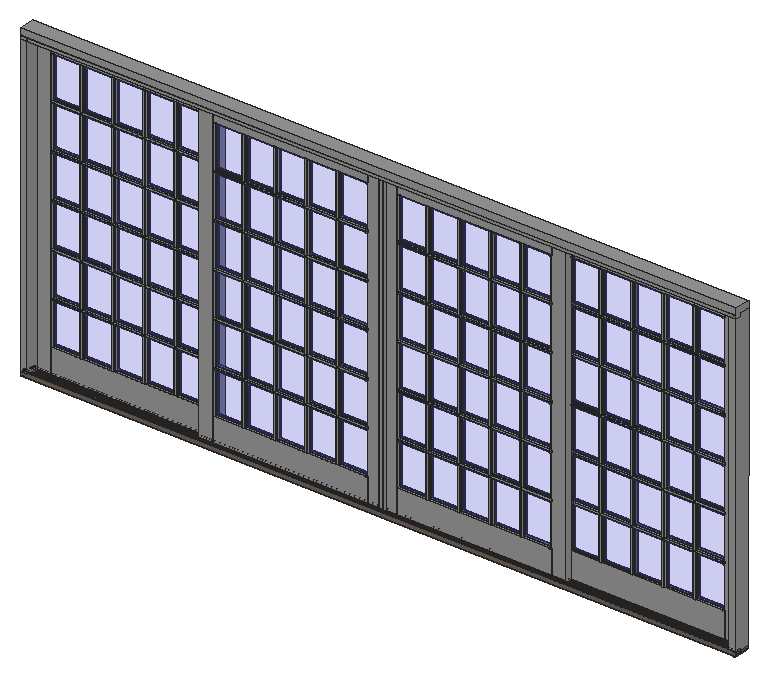
Revit family "VSDA4.8SPCO", category Doors, host Wall, Revit 2015 (continued)
Automatic sketch dimensions
  Sweep 30 sketch curve to Sweep 30 sketch curve = 197.5 mm
  plane 5 to Sweep 30 sketch curve = 1032 mm
  Sweep 30 sketch curve to Sweep 30 sketch curve = 284 mm
  Sweep 30 sketch curve to profile plane = 0 mm
  Sweep 30 sketch curve to profile plane = 0.241 mm
  Sweep 30 sketch curve to Sweep 30 sketch curve = 6.759 mm
  Sweep 30 sketch curve to Sweep 30 sketch curve = 2 mm  (x2)
  Sweep 30 sketch curve to profile plane = 132.5 mm
  Sweep 30 sketch curve to Sweep 30 sketch curve = 6 mm
  Sweep 31 sketch curve to plane 3 "Left" = 759.5 mm
  Sweep 31 sketch curve to Sweep 31 sketch curve = 197.5 mm
  plane 5 to Sweep 31 sketch curve = 1032 mm
  Sweep 31 sketch curve to Sweep 31 sketch curve = 284 mm
  Sweep 31 sketch curve to profile plane = 0 mm
  Sweep 31 sketch curve to profile plane = 0.241 mm
  Sweep 31 sketch curve to Sweep 31 sketch curve = 6.759 mm
  Sweep 31 sketch curve to Sweep 31 sketch curve = 2 mm  (x2)
  Sweep 31 sketch curve to profile plane = 132.5 mm
  Sweep 31 sketch curve to Sweep 31 sketch curve = 6 mm
  Sweep 32 sketch curve to plane 3 "Left" = 970 mm
  Sweep 32 sketch curve to Sweep 32 sketch curve = 197.5 mm
  plane 5 to Sweep 32 sketch curve = 1032 mm
  Sweep 32 sketch curve to Sweep 32 sketch curve = 284 mm
  Sweep 32 sketch curve to profile plane = 0 mm
  Sweep 32 sketch curve to profile plane = 0.241 mm
  Sweep 32 sketch curve to Sweep 32 sketch curve = 6.759 mm
  Sweep 32 sketch curve to Sweep 32 sketch curve = 2 mm  (x2)
  Sweep 32 sketch curve to profile plane = 132.5 mm
  Sweep 32 sketch curve to Sweep 32 sketch curve = 6 mm
  Sweep 33 sketch curve to plane 3 "Left" = 1180.5 mm
  Sweep 33 sketch curve to Sweep 33 sketch curve = 197.5 mm
  plane 5 to Sweep 33 sketch curve = 1032 mm
  Sweep 33 sketch curve to Sweep 33 sketch curve = 284 mm
  Sweep 33 sketch curve to profile plane = 0 mm
  Sweep 33 sketch curve to profile plane = 0.241 mm
  Sweep 33 sketch curve to Sweep 33 sketch curve = 6.759 mm
  Sweep 33 sketch curve to Sweep 33 sketch curve = 2 mm  (x2)
  Sweep 33 sketch curve to profile plane = 132.5 mm
  Sweep 33 sketch curve to Sweep 33 sketch curve = 6 mm
  Sweep 34 sketch curve to plane 3 "Left" = 338.5 mm
  Sweep 34 sketch curve to plane 3 "Left" = 141 mm
  level to Sweep 34 sketch curve = 771 mm
  Sweep 34 sketch curve to Sweep 34 sketch curve = 284 mm
  Sweep 34 sketch curve to profile plane = 0 mm
  Sweep 34 sketch curve to profile plane = 0.241 mm
  Sweep 34 sketch curve to Sweep 34 sketch curve = 6.759 mm
  Sweep 34 sketch curve to Sweep 34 sketch curve = 2 mm  (x2)
  Sweep 34 sketch curve to profile plane = 132.5 mm
  Sweep 34 sketch curve to Sweep 34 sketch curve = 6 mm
  host wall to Extrusion 35 sketch curve = 34 mm  (x4)
  plane 3 "Left" to Extrusion 35 sketch curve = 992 mm
  Extrusion 35 sketch curve to Extrusion 35 sketch curve = 2 mm  (x19)
  Extrusion 35 sketch curve to Extrusion 35 sketch curve = 6.759 mm  (x8)
  Extrusion 35 sketch curve to Extrusion 35 sketch curve = 0.241 mm  (x12)
  Extrusion 35 sketch curve to Extrusion 35 sketch curve = 13 mm  (x6)
  Extrusion 35 sketch curve to Extrusion 35 sketch curve = 0 mm  (x4)
  Extrusion 35 sketch curve to Extrusion 35 sketch curve = 179.5 mm  (x3)
  host wall to Extrusion 35 sketch curve = 4 mm  (x4)
  Extrusion 35 sketch curve to Extrusion 35 sketch curve = 1.197 mm  (x9)
  Extrusion 35 sketch curve to Extrusion 35 sketch curve = 0.803 mm  (x2)
  Sweep 36 sketch curve to plane 3 "Left" = 549 mm
  Sweep 36 sketch curve to Sweep 36 sketch curve = 197.5 mm
  level to Sweep 36 sketch curve = 771 mm
  Sweep 36 sketch curve to Sweep 36 sketch curve = 284 mm
  Sweep 36 sketch curve to profile plane = 0 mm
  Sweep 36 sketch curve to profile plane = 0.241 mm
  Sweep 36 sketch curve to Sweep 36 sketch curve = 6.759 mm
  Sweep 36 sketch curve to Sweep 36 sketch curve = 2 mm  (x2)
  Sweep 36 sketch curve to profile plane = 132.5 mm
  Sweep 36 sketch curve to Sweep 36 sketch curve = 6 mm
  Sweep 37 sketch curve to plane 3 "Left" = 759.5 mm
  Sweep 37 sketch curve to Sweep 37 sketch curve = 197.5 mm
  level to Sweep 37 sketch curve = 771 mm
  Sweep 37 sketch curve to Sweep 37 sketch curve = 284 mm
  Sweep 37 sketch curve to profile plane = 0 mm
  Sweep 37 sketch curve to profile plane = 0.241 mm
  Sweep 37 sketch curve to Sweep 37 sketch curve = 6.759 mm
  Sweep 37 sketch curve to Sweep 37 sketch curve = 2 mm  (x2)
  Sweep 37 sketch curve to profile plane = 132.5 mm
  Sweep 37 sketch curve to Sweep 37 sketch curve = 6 mm
  Sweep 38 sketch curve to plane 3 "Left" = 970 mm
  Sweep 38 sketch curve to Sweep 38 sketch curve = 197.5 mm
  level to Sweep 38 sketch curve = 771 mm
  Sweep 38 sketch curve to Sweep 38 sketch curve = 284 mm
  Sweep 38 sketch curve to profile plane = 0 mm
  Sweep 38 sketch curve to profile plane = 0.241 mm
  Sweep 38 sketch curve to Sweep 38 sketch curve = 6.759 mm
  Sweep 38 sketch curve to Sweep 38 sketch curve = 2 mm  (x2)
  Sweep 38 sketch curve to profile plane = 132.5 mm
  Sweep 38 sketch curve to Sweep 38 sketch curve = 6 mm
  level to Sweep 39 sketch curve = 487 mm
  Sweep 39 sketch curve to plane 3 "Left" = 1180.5 mm
  Sweep 39 sketch curve to Sweep 39 sketch curve = 197.5 mm
  Sweep 39 sketch curve to Sweep 39 sketch curve = 284 mm
  Sweep 39 sketch curve to profile plane = 0 mm
  Sweep 39 sketch curve to profile plane = 0.241 mm
  Sweep 39 sketch curve to Sweep 39 sketch curve = 6.759 mm
  Sweep 39 sketch curve to Sweep 39 sketch curve = 2 mm  (x2)
  Sweep 39 sketch curve to profile plane = 132.5 mm
  Sweep 39 sketch curve to Sweep 39 sketch curve = 6 mm
  Sweep 40 sketch curve to plane 3 "Left" = 338.5 mm
  Sweep 40 sketch curve to plane 3 "Left" = 141 mm
  level to Sweep 40 sketch curve = 474 mm
  level to Sweep 40 sketch curve = 190 mm
  Sweep 40 sketch curve to profile plane = 0 mm
  Sweep 40 sketch curve to profile plane = 0.241 mm
  Sweep 40 sketch curve to Sweep 40 sketch curve = 6.759 mm
  Sweep 40 sketch curve to Sweep 40 sketch curve = 2 mm  (x2)
  Sweep 40 sketch curve to profile plane = 132.5 mm
  Sweep 40 sketch curve to Sweep 40 sketch curve = 6 mm
  host wall to Extrusion 41 sketch curve = 34 mm  (x4)
  plane 3 "Left" to Extrusion 41 sketch curve = 992 mm
  Extrusion 41 sketch curve to Extrusion 41 sketch curve = 2 mm  (x19)
  Extrusion 41 sketch curve to Extrusion 41 sketch curve = 6.759 mm  (x8)
  Extrusion 41 sketch curve to Extrusion 41 sketch curve = 0.241 mm  (x12)
  Extrusion 41 sketch curve to Extrusion 41 sketch curve = 13 mm  (x6)
  Extrusion 41 sketch curve to Extrusion 41 sketch curve = 0 mm  (x4)
  Extrusion 41 sketch curve to Extrusion 41 sketch curve = 179.5 mm  (x3)
  host wall to Extrusion 41 sketch curve = 4 mm  (x4)
  Extrusion 41 sketch curve to Extrusion 41 sketch curve = 1.197 mm  (x9)
  Extrusion 41 sketch curve to Extrusion 41 sketch curve = 0.803 mm  (x2)
  level to Sweep 42 sketch curve = 190 mm
  Sweep 42 sketch curve to plane 3 "Left" = 549 mm
  Sweep 42 sketch curve to Sweep 42 sketch curve = 197.5 mm
  Sweep 42 sketch curve to Sweep 42 sketch curve = 284 mm
  Sweep 42 sketch curve to profile plane = 0 mm
  Sweep 42 sketch curve to profile plane = 0.241 mm
  Sweep 42 sketch curve to Sweep 42 sketch curve = 6.759 mm
  Sweep 42 sketch curve to Sweep 42 sketch curve = 2 mm  (x2)
  Sweep 42 sketch curve to profile plane = 132.5 mm
  Sweep 42 sketch curve to Sweep 42 sketch curve = 6 mm
  level to Sweep 43 sketch curve = 190 mm
  Sweep 43 sketch curve to plane 3 "Left" = 759.5 mm
  Sweep 43 sketch curve to Sweep 43 sketch curve = 197.5 mm
  Sweep 43 sketch curve to Sweep 43 sketch curve = 284 mm
  Sweep 43 sketch curve to profile plane = 0 mm
  Sweep 43 sketch curve to profile plane = 0.241 mm
  Sweep 43 sketch curve to Sweep 43 sketch curve = 6.759 mm
  Sweep 43 sketch curve to Sweep 43 sketch curve = 2 mm  (x2)
  Sweep 43 sketch curve to profile plane = 132.5 mm
  Sweep 43 sketch curve to Sweep 43 sketch curve = 6 mm
  level to Sweep 44 sketch curve = 190 mm
  Sweep 44 sketch curve to plane 3 "Left" = 970 mm
  Sweep 44 sketch curve to Sweep 44 sketch curve = 197.5 mm
  Sweep 44 sketch curve to Sweep 44 sketch curve = 284 mm
  Sweep 44 sketch curve to profile plane = 0 mm
  Sweep 44 sketch curve to profile plane = 0.241 mm
  Sweep 44 sketch curve to Sweep 44 sketch curve = 6.759 mm
  Sweep 44 sketch curve to Sweep 44 sketch curve = 2 mm  (x2)
  Sweep 44 sketch curve to profile plane = 132.5 mm
  Sweep 44 sketch curve to Sweep 44 sketch curve = 6 mm
  level to Sweep 45 sketch curve = 190 mm
  Sweep 45 sketch curve to plane 3 "Left" = 1180.5 mm
  Sweep 45 sketch curve to Sweep 45 sketch curve = 197.5 mm
  Sweep 45 sketch curve to Sweep 45 sketch curve = 284 mm
  Sweep 45 sketch curve to profile plane = 0 mm
  Sweep 45 sketch curve to profile plane = 0.241 mm
  Sweep 45 sketch curve to Sweep 45 sketch curve = 6.759 mm
  Sweep 45 sketch curve to Sweep 45 sketch curve = 2 mm  (x2)
  Sweep 45 sketch curve to profile plane = 132.5 mm
  Sweep 45 sketch curve to Sweep 45 sketch curve = 6 mm
  host wall to Extrusion 46 sketch curve = 15.5 mm  (x7)
  Extrusion 46 sketch curve to Extrusion 46 sketch curve = 2 mm  (x28)
  host wall to Extrusion 46 sketch curve = 7.5 mm  (x12)
  host wall to Extrusion 46 sketch curve = 6.697 mm  (x12)
  Extrusion 46 sketch curve to Extrusion 46 sketch curve = 1.197 mm  (x8)
  Extrusion 46 sketch curve to host wall = 24.5 mm  (x7)
  plane 5 to Extrusion 46 sketch curve = 45 mm
  Extrusion 46 sketch curve to Extrusion 46 sketch curve = 96 mm
  Extrusion 46 sketch curve to Extrusion 46 sketch curve = 0 mm  (x6)
  Extrusion 46 sketch curve to Extrusion 46 sketch curve = 0.241 mm  (x12)
  Extrusion 46 sketch curve to Extrusion 46 sketch curve = 266 mm  (x5)
  Extrusion 46 sketch curve to Extrusion 46 sketch curve = 6.759 mm  (x6)
  Extrusion 46 sketch curve to Extrusion 46 sketch curve = 13 mm  (x5)
  level to Extrusion 46 sketch curve = 199 mm
  level to Extrusion 46 sketch curve = 19 mm
  plane 5 to Sweep 47 sketch curve = 425 mm
  Sweep 47 sketch curve to plane 2 "Center (Left/Right)" = 940 mm
  Sweep 47 sketch curve to Sweep 47 sketch curve = 197.5 mm
  plane 5 to Sweep 47 sketch curve = 141 mm
  Sweep 47 sketch curve to profile plane = 0 mm
  Sweep 47 sketch curve to profile plane = 0.241 mm
  Sweep 47 sketch curve to Sweep 47 sketch curve = 6.759 mm
  Sweep 47 sketch curve to Sweep 47 sketch curve = 2 mm  (x2)
  Sweep 47 sketch curve to profile plane = 132.5 mm
  Sweep 47 sketch curve to Sweep 47 sketch curve = 6 mm
  Extrusion 48 sketch curve to host wall = 5.5 mm  (x7)
  plane 2 "Center (Left/Right)" to Extrusion 48 sketch curve = 286.5 mm
  Extrusion 48 sketch curve to Extrusion 48 sketch curve = 2 mm  (x20)
  Extrusion 48 sketch curve to Extrusion 48 sketch curve = 6.759 mm  (x8)
  Extrusion 48 sketch curve to Extrusion 48 sketch curve = 0.241 mm  (x12)
  Extrusion 48 sketch curve to Extrusion 48 sketch curve = 13 mm  (x6)
  Extrusion 48 sketch curve to Extrusion 48 sketch curve = 0 mm  (x2)
  Extrusion 48 sketch curve to Extrusion 48 sketch curve = 179.5 mm  (x3)
  Extrusion 48 sketch curve to Extrusion 48 sketch curve = 1.197 mm  (x7)
  Extrusion 48 sketch curve to host wall = 6.697 mm
  Extrusion 48 sketch curve to Extrusion 48 sketch curve = 0.803 mm
  host wall to Extrusion 48 sketch curve = 24.5 mm  (x4)
  Extrusion 49 sketch curve to plane 2 "Center (Left/Right)" = 98 mm  (x2)
  Extrusion 49 sketch curve to Extrusion 49 sketch curve = 0 mm  (x44)
  Extrusion 49 sketch curve to Extrusion 49 sketch curve = 197.5 mm  (x9)
  Extrusion 49 sketch curve to Extrusion 49 sketch curve = 13 mm  (x28)
  Extrusion 49 sketch curve to Extrusion 49 sketch curve = 13.01 mm  (x6)
  Extrusion 49 sketch curve to Extrusion 49 sketch curve = 197.49 mm  (x5)
  plane 5 to Extrusion 49 sketch curve = 141 mm  (x3)
  Extrusion 49 sketch curve to Extrusion 49 sketch curve = 0.011 mm  (x8)
  Extrusion 49 sketch curve to Extrusion 49 sketch curve = 283.989 mm  (x5)
  Extrusion 49 sketch curve to Extrusion 49 sketch curve = 13.011 mm  (x5)
  Extrusion 49 sketch curve to Extrusion 49 sketch curve = 284 mm  (x3)
  level to Extrusion 49 sketch curve = 190.011 mm
  level to Extrusion 49 sketch curve = 190 mm
  Sweep 50 sketch curve to plane 2 "Center (Left/Right)" = 729.5 mm
  Sweep 50 sketch curve to Sweep 50 sketch curve = 197.5 mm
  plane 5 to Sweep 50 sketch curve = 141 mm
  Sweep 50 sketch curve to Sweep 50 sketch curve = 284 mm
  Sweep 50 sketch curve to profile plane = 0 mm
  Sweep 50 sketch curve to profile plane = 0.241 mm
  Sweep 50 sketch curve to Sweep 50 sketch curve = 6.759 mm
  Sweep 50 sketch curve to Sweep 50 sketch curve = 2 mm  (x2)
  Sweep 50 sketch curve to profile plane = 132.5 mm
  Sweep 50 sketch curve to Sweep 50 sketch curve = 6 mm
  Sweep 51 sketch curve to plane 2 "Center (Left/Right)" = 519 mm
  Sweep 51 sketch curve to Sweep 51 sketch curve = 197.5 mm
  plane 5 to Sweep 51 sketch curve = 141 mm
  Sweep 51 sketch curve to Sweep 51 sketch curve = 284 mm
  Sweep 51 sketch curve to profile plane = 0 mm
  Sweep 51 sketch curve to profile plane = 0.241 mm
  Sweep 51 sketch curve to Sweep 51 sketch curve = 6.759 mm
  Sweep 51 sketch curve to Sweep 51 sketch curve = 2 mm  (x2)
  Sweep 51 sketch curve to profile plane = 132.5 mm
  Sweep 51 sketch curve to Sweep 51 sketch curve = 6 mm
  Sweep 52 sketch curve to plane 2 "Center (Left/Right)" = 308.5 mm
  Sweep 52 sketch curve to Sweep 52 sketch curve = 197.5 mm
  plane 5 to Sweep 52 sketch curve = 141 mm
  Sweep 52 sketch curve to Sweep 52 sketch curve = 284 mm
  Sweep 52 sketch curve to profile plane = 0 mm
  Sweep 52 sketch curve to profile plane = 0.241 mm
  Sweep 52 sketch curve to Sweep 52 sketch curve = 6.759 mm
  Sweep 52 sketch curve to Sweep 52 sketch curve = 2 mm  (x2)
  Sweep 52 sketch curve to profile plane = 132.5 mm
  Sweep 52 sketch curve to Sweep 52 sketch curve = 6 mm
  Sweep 53 sketch curve to plane 2 "Center (Left/Right)" = 98 mm
  Sweep 53 sketch curve to Sweep 53 sketch curve = 197.5 mm
  plane 5 to Sweep 53 sketch curve = 141 mm
  Sweep 53 sketch curve to Sweep 53 sketch curve = 284 mm
  Sweep 53 sketch curve to profile plane = 0 mm
  Sweep 53 sketch curve to profile plane = 0.241 mm
  Sweep 53 sketch curve to Sweep 53 sketch curve = 6.759 mm
  Sweep 53 sketch curve to Sweep 53 sketch curve = 2 mm  (x2)
  Sweep 53 sketch curve to profile plane = 132.5 mm
  Sweep 53 sketch curve to Sweep 53 sketch curve = 6 mm
  Sweep 54 sketch curve to plane 2 "Center (Left/Right)" = 940 mm
  Sweep 54 sketch curve to Sweep 54 sketch curve = 197.5 mm
  plane 5 to Sweep 54 sketch curve = 438 mm
  Sweep 54 sketch curve to Sweep 54 sketch curve = 284 mm
  Sweep 54 sketch curve to profile plane = 0 mm
  Sweep 54 sketch curve to profile plane = 0.241 mm
  Sweep 54 sketch curve to Sweep 54 sketch curve = 6.759 mm
  Sweep 54 sketch curve to Sweep 54 sketch curve = 2 mm  (x2)
  Sweep 54 sketch curve to profile plane = 132.5 mm
  Sweep 54 sketch curve to Sweep 54 sketch curve = 6 mm
  Sweep 55 sketch curve to plane 2 "Center (Left/Right)" = 729.5 mm
  Sweep 55 sketch curve to Sweep 55 sketch curve = 197.5 mm
  plane 5 to Sweep 55 sketch curve = 438 mm
  Sweep 55 sketch curve to Sweep 55 sketch curve = 284 mm
  Sweep 55 sketch curve to profile plane = 0 mm
  Sweep 55 sketch curve to profile plane = 0.241 mm
  Sweep 55 sketch curve to Sweep 55 sketch curve = 6.759 mm
  Sweep 55 sketch curve to Sweep 55 sketch curve = 2 mm  (x2)
  Sweep 55 sketch curve to profile plane = 132.5 mm
  Sweep 55 sketch curve to Sweep 55 sketch curve = 6 mm
  Sweep 56 sketch curve to plane 2 "Center (Left/Right)" = 519 mm
  Sweep 56 sketch curve to Sweep 56 sketch curve = 197.5 mm
  plane 5 to Sweep 56 sketch curve = 438 mm
  Sweep 56 sketch curve to Sweep 56 sketch curve = 284 mm
  Sweep 56 sketch curve to profile plane = 0 mm
  Sweep 56 sketch curve to profile plane = 0.241 mm
  Sweep 56 sketch curve to Sweep 56 sketch curve = 6.759 mm
  Sweep 56 sketch curve to Sweep 56 sketch curve = 2 mm  (x2)
  Sweep 56 sketch curve to profile plane = 132.5 mm
  Sweep 56 sketch curve to Sweep 56 sketch curve = 6 mm
  Sweep 57 sketch curve to plane 2 "Center (Left/Right)" = 308.5 mm
  Sweep 57 sketch curve to Sweep 57 sketch curve = 197.5 mm
  plane 5 to Sweep 57 sketch curve = 438 mm
  Sweep 57 sketch curve to Sweep 57 sketch curve = 284 mm
  Sweep 57 sketch curve to profile plane = 0 mm
  Sweep 57 sketch curve to profile plane = 0.241 mm
  Sweep 57 sketch curve to Sweep 57 sketch curve = 6.759 mm
  Sweep 57 sketch curve to Sweep 57 sketch curve = 2 mm  (x2)
  Sweep 57 sketch curve to profile plane = 132.5 mm
  Sweep 57 sketch curve to Sweep 57 sketch curve = 6 mm
  Sweep 58 sketch curve to plane 2 "Center (Left/Right)" = 98 mm
  Sweep 58 sketch curve to Sweep 58 sketch curve = 197.5 mm
  plane 5 to Sweep 58 sketch curve = 438 mm
  Sweep 58 sketch curve to Sweep 58 sketch curve = 284 mm
  Sweep 58 sketch curve to profile plane = 0 mm
  Sweep 58 sketch curve to profile plane = 0.241 mm
  Sweep 58 sketch curve to Sweep 58 sketch curve = 6.759 mm
  Sweep 58 sketch curve to Sweep 58 sketch curve = 2 mm  (x2)
  Sweep 58 sketch curve to profile plane = 132.5 mm
  Sweep 58 sketch curve to Sweep 58 sketch curve = 6 mm
  Sweep 59 sketch curve to plane 2 "Center (Left/Right)" = 940 mm
  Sweep 59 sketch curve to Sweep 59 sketch curve = 197.5 mm
  plane 5 to Sweep 59 sketch curve = 735 mm
  Sweep 59 sketch curve to Sweep 59 sketch curve = 284 mm
  Sweep 59 sketch curve to profile plane = 0 mm
  Sweep 59 sketch curve to profile plane = 0.241 mm
  Sweep 59 sketch curve to Sweep 59 sketch curve = 6.759 mm
  Sweep 59 sketch curve to Sweep 59 sketch curve = 2 mm  (x2)
  Sweep 59 sketch curve to profile plane = 132.5 mm
  Sweep 59 sketch curve to Sweep 59 sketch curve = 6 mm
  Sweep 60 sketch curve to plane 2 "Center (Left/Right)" = 729.5 mm
  Sweep 60 sketch curve to Sweep 60 sketch curve = 197.5 mm
  plane 5 to Sweep 60 sketch curve = 735 mm
  Sweep 60 sketch curve to Sweep 60 sketch curve = 284 mm
  Sweep 60 sketch curve to profile plane = 0 mm
  Sweep 60 sketch curve to profile plane = 0.241 mm
  Sweep 60 sketch curve to Sweep 60 sketch curve = 6.759 mm
  Sweep 60 sketch curve to Sweep 60 sketch curve = 2 mm  (x2)
  Sweep 60 sketch curve to profile plane = 132.5 mm
  Sweep 60 sketch curve to Sweep 60 sketch curve = 6 mm
  Sweep 61 sketch curve to plane 2 "Center (Left/Right)" = 519 mm
  Sweep 61 sketch curve to Sweep 61 sketch curve = 197.5 mm
  plane 5 to Sweep 61 sketch curve = 735 mm
  Sweep 61 sketch curve to Sweep 61 sketch curve = 284 mm
  Sweep 61 sketch curve to profile plane = 0 mm
  Sweep 61 sketch curve to profile plane = 0.241 mm
  Sweep 61 sketch curve to Sweep 61 sketch curve = 6.759 mm
  Sweep 61 sketch curve to Sweep 61 sketch curve = 2 mm  (x2)
  Sweep 61 sketch curve to profile plane = 132.5 mm
  Sweep 61 sketch curve to Sweep 61 sketch curve = 6 mm
  Sweep 62 sketch curve to plane 2 "Center (Left/Right)" = 308.5 mm
  Sweep 62 sketch curve to Sweep 62 sketch curve = 197.5 mm
  plane 5 to Sweep 62 sketch curve = 735 mm
  Sweep 62 sketch curve to Sweep 62 sketch curve = 284 mm
  Sweep 62 sketch curve to profile plane = 0 mm
  Sweep 62 sketch curve to profile plane = 0.241 mm
  Sweep 62 sketch curve to Sweep 62 sketch curve = 6.759 mm
  Sweep 62 sketch curve to Sweep 62 sketch curve = 2 mm  (x2)
  Sweep 62 sketch curve to profile plane = 132.5 mm
  Sweep 62 sketch curve to Sweep 62 sketch curve = 6 mm
  Sweep 63 sketch curve to plane 2 "Center (Left/Right)" = 98 mm
  Sweep 63 sketch curve to Sweep 63 sketch curve = 197.5 mm
  plane 5 to Sweep 63 sketch curve = 735 mm
  Sweep 63 sketch curve to Sweep 63 sketch curve = 284 mm
  Sweep 63 sketch curve to profile plane = 0 mm
  Sweep 63 sketch curve to profile plane = 0.241 mm
  Sweep 63 sketch curve to Sweep 63 sketch curve = 6.759 mm
  Sweep 63 sketch curve to Sweep 63 sketch curve = 2 mm  (x2)
  Sweep 63 sketch curve to profile plane = 132.5 mm
  Sweep 63 sketch curve to Sweep 63 sketch curve = 6 mm
  Sweep 64 sketch curve to plane 2 "Center (Left/Right)" = 940 mm
  Sweep 64 sketch curve to Sweep 64 sketch curve = 197.5 mm
  plane 5 to Sweep 64 sketch curve = 1032 mm
  Sweep 64 sketch curve to Sweep 64 sketch curve = 284 mm
  Sweep 64 sketch curve to profile plane = 0 mm
  Sweep 64 sketch curve to profile plane = 0.241 mm
  Sweep 64 sketch curve to Sweep 64 sketch curve = 6.759 mm
  Sweep 64 sketch curve to Sweep 64 sketch curve = 2 mm  (x2)
  Sweep 64 sketch curve to profile plane = 132.5 mm
  Sweep 64 sketch curve to Sweep 64 sketch curve = 6 mm
  Sweep 65 sketch curve to plane 2 "Center (Left/Right)" = 729.5 mm
  Sweep 65 sketch curve to Sweep 65 sketch curve = 197.5 mm
  plane 5 to Sweep 65 sketch curve = 1032 mm
  Sweep 65 sketch curve to Sweep 65 sketch curve = 284 mm
  Sweep 65 sketch curve to profile plane = 0 mm
  Sweep 65 sketch curve to profile plane = 0.241 mm
  Sweep 65 sketch curve to Sweep 65 sketch curve = 6.759 mm
  Sweep 65 sketch curve to Sweep 65 sketch curve = 2 mm  (x2)
  Sweep 65 sketch curve to profile plane = 132.5 mm
  Sweep 65 sketch curve to Sweep 65 sketch curve = 6 mm
  Sweep 66 sketch curve to plane 2 "Center (Left/Right)" = 519 mm
  Sweep 66 sketch curve to Sweep 66 sketch curve = 197.5 mm
  plane 5 to Sweep 66 sketch curve = 1032 mm
  Sweep 66 sketch curve to Sweep 66 sketch curve = 284 mm
  Sweep 66 sketch curve to profile plane = 0 mm
  Sweep 66 sketch curve to profile plane = 0.241 mm
  Sweep 66 sketch curve to Sweep 66 sketch curve = 6.759 mm
  Sweep 66 sketch curve to Sweep 66 sketch curve = 2 mm  (x2)
  Sweep 66 sketch curve to profile plane = 132.5 mm
  Sweep 66 sketch curve to Sweep 66 sketch curve = 6 mm
  Sweep 67 sketch curve to plane 2 "Center (Left/Right)" = 308.5 mm
  Sweep 67 sketch curve to Sweep 67 sketch curve = 197.5 mm
  plane 5 to Sweep 67 sketch curve = 1032 mm
  Sweep 67 sketch curve to Sweep 67 sketch curve = 284 mm
  Sweep 67 sketch curve to profile plane = 0 mm
  Sweep 67 sketch curve to profile plane = 0.241 mm
  Sweep 67 sketch curve to Sweep 67 sketch curve = 6.759 mm
  Sweep 67 sketch curve to Sweep 67 sketch curve = 2 mm  (x2)
  Sweep 67 sketch curve to profile plane = 132.5 mm
  Sweep 67 sketch curve to Sweep 67 sketch curve = 6 mm
  Sweep 68 sketch curve to plane 2 "Center (Left/Right)" = 98 mm
  Sweep 68 sketch curve to Sweep 68 sketch curve = 197.5 mm
  plane 5 to Sweep 68 sketch curve = 1032 mm
  Sweep 68 sketch curve to Sweep 68 sketch curve = 284 mm
  Sweep 68 sketch curve to profile plane = 0 mm
  Sweep 68 sketch curve to profile plane = 0.241 mm
  Sweep 68 sketch curve to Sweep 68 sketch curve = 6.759 mm
  Sweep 68 sketch curve to Sweep 68 sketch curve = 2 mm  (x2)
  Sweep 68 sketch curve to profile plane = 132.5 mm
  Sweep 68 sketch curve to Sweep 68 sketch curve = 6 mm
  Sweep 69 sketch curve to plane 2 "Center (Left/Right)" = 940 mm
  Sweep 69 sketch curve to Sweep 69 sketch curve = 197.5 mm
  level to Sweep 69 sketch curve = 771 mm
  Sweep 69 sketch curve to Sweep 69 sketch curve = 284 mm
  Sweep 69 sketch curve to profile plane = 0 mm
  Sweep 69 sketch curve to profile plane = 0.241 mm
  Sweep 69 sketch curve to Sweep 69 sketch curve = 6.759 mm
  Sweep 69 sketch curve to Sweep 69 sketch curve = 2 mm  (x2)
  Sweep 69 sketch curve to profile plane = 132.5 mm
  Sweep 69 sketch curve to Sweep 69 sketch curve = 6 mm
  Sweep 70 sketch curve to plane 2 "Center (Left/Right)" = 729.5 mm
  Sweep 70 sketch curve to Sweep 70 sketch curve = 197.5 mm
  level to Sweep 70 sketch curve = 771 mm
  Sweep 70 sketch curve to Sweep 70 sketch curve = 284 mm
  Sweep 70 sketch curve to profile plane = 0 mm
  Sweep 70 sketch curve to profile plane = 0.241 mm
  Sweep 70 sketch curve to Sweep 70 sketch curve = 6.759 mm
  Sweep 70 sketch curve to Sweep 70 sketch curve = 2 mm  (x2)
  Sweep 70 sketch curve to profile plane = 132.5 mm
  Sweep 70 sketch curve to Sweep 70 sketch curve = 6 mm
  Sweep 71 sketch curve to plane 2 "Center (Left/Right)" = 519 mm
  Sweep 71 sketch curve to Sweep 71 sketch curve = 197.5 mm
  level to Sweep 71 sketch curve = 771 mm
  Sweep 71 sketch curve to Sweep 71 sketch curve = 284 mm
  Sweep 71 sketch curve to profile plane = 0 mm
  Sweep 71 sketch curve to profile plane = 0.241 mm
  Sweep 71 sketch curve to Sweep 71 sketch curve = 6.759 mm
  Sweep 71 sketch curve to Sweep 71 sketch curve = 2 mm  (x2)
  Sweep 71 sketch curve to profile plane = 132.5 mm
  Sweep 71 sketch curve to Sweep 71 sketch curve = 6 mm
  Sweep 72 sketch curve to plane 2 "Center (Left/Right)" = 308.5 mm
  Sweep 72 sketch curve to Sweep 72 sketch curve = 197.5 mm
  level to Sweep 72 sketch curve = 771 mm
  Sweep 72 sketch curve to Sweep 72 sketch curve = 284 mm
  Sweep 72 sketch curve to profile plane = 0 mm
  Sweep 72 sketch curve to profile plane = 0.241 mm
  Sweep 72 sketch curve to Sweep 72 sketch curve = 6.759 mm
  Sweep 72 sketch curve to Sweep 72 sketch curve = 2 mm  (x2)
  Sweep 72 sketch curve to profile plane = 132.5 mm
  Sweep 72 sketch curve to Sweep 72 sketch curve = 6 mm
  Sweep 73 sketch curve to plane 2 "Center (Left/Right)" = 98 mm
  Sweep 73 sketch curve to Sweep 73 sketch curve = 197.5 mm
  level to Sweep 73 sketch curve = 771 mm
  Sweep 73 sketch curve to Sweep 73 sketch curve = 284 mm
  Sweep 73 sketch curve to profile plane = 0 mm
  Sweep 73 sketch curve to profile plane = 0.241 mm
  Sweep 73 sketch curve to Sweep 73 sketch curve = 6.759 mm
  Sweep 73 sketch curve to Sweep 73 sketch curve = 2 mm  (x2)
  Sweep 73 sketch curve to profile plane = 132.5 mm
  Sweep 73 sketch curve to Sweep 73 sketch curve = 6 mm
  level to Sweep 74 sketch curve = 190 mm
  Sweep 74 sketch curve to plane 2 "Center (Left/Right)" = 940 mm
  Sweep 74 sketch curve to Sweep 74 sketch curve = 197.5 mm
  Sweep 74 sketch curve to Sweep 74 sketch curve = 284 mm
  Sweep 74 sketch curve to profile plane = 0 mm
  Sweep 74 sketch curve to profile plane = 0.241 mm
  Sweep 74 sketch curve to Sweep 74 sketch curve = 6.759 mm
  Sweep 74 sketch curve to Sweep 74 sketch curve = 2 mm  (x2)
  Sweep 74 sketch curve to profile plane = 132.5 mm
  Sweep 74 sketch curve to Sweep 74 sketch curve = 6 mm
  level to Sweep 75 sketch curve = 190 mm
  Sweep 75 sketch curve to plane 2 "Center (Left/Right)" = 729.5 mm
  Sweep 75 sketch curve to Sweep 75 sketch curve = 197.5 mm
  Sweep 75 sketch curve to Sweep 75 sketch curve = 284 mm
  Sweep 75 sketch curve to profile plane = 0 mm
  Sweep 75 sketch curve to profile plane = 0.241 mm
  Sweep 75 sketch curve to Sweep 75 sketch curve = 6.759 mm
  Sweep 75 sketch curve to Sweep 75 sketch curve = 2 mm  (x2)
  Sweep 75 sketch curve to profile plane = 132.5 mm
  Sweep 75 sketch curve to Sweep 75 sketch curve = 6 mm
  level to Sweep 76 sketch curve = 190 mm
  Sweep 76 sketch curve to plane 2 "Center (Left/Right)" = 519 mm
  Sweep 76 sketch curve to Sweep 76 sketch curve = 197.5 mm
  Sweep 76 sketch curve to Sweep 76 sketch curve = 284 mm
  Sweep 76 sketch curve to profile plane = 0 mm
  Sweep 76 sketch curve to profile plane = 0.241 mm
  Sweep 76 sketch curve to Sweep 76 sketch curve = 6.759 mm
  Sweep 76 sketch curve to Sweep 76 sketch curve = 2 mm  (x2)
  Sweep 76 sketch curve to profile plane = 132.5 mm
  Sweep 76 sketch curve to Sweep 76 sketch curve = 6 mm
  Sweep 77 sketch curve to plane 2 "Center (Left/Right)" = 308.5 mm
  Sweep 77 sketch curve to Sweep 77 sketch curve = 197.5 mm
  level to Sweep 77 sketch curve = 474 mm
  level to Sweep 77 sketch curve = 190 mm
  Sweep 77 sketch curve to profile plane = 0 mm
  Sweep 77 sketch curve to profile plane = 0.241 mm
  Sweep 77 sketch curve to Sweep 77 sketch curve = 6.759 mm
  Sweep 77 sketch curve to Sweep 77 sketch curve = 2 mm  (x2)
  Sweep 77 sketch curve to profile plane = 132.5 mm
  Sweep 77 sketch curve to Sweep 77 sketch curve = 6 mm
  Sweep 78 sketch curve to plane 2 "Center (Left/Right)" = 98 mm
  Sweep 78 sketch curve to Sweep 78 sketch curve = 197.5 mm
  level to Sweep 78 sketch curve = 474 mm
  level to Sweep 78 sketch curve = 190 mm
  Sweep 78 sketch curve to profile plane = 0 mm
  Sweep 78 sketch curve to profile plane = 0.241 mm
  Sweep 78 sketch curve to Sweep 78 sketch curve = 6.759 mm
  Sweep 78 sketch curve to Sweep 78 sketch curve = 2 mm  (x2)
  Sweep 78 sketch curve to profile plane = 132.5 mm
  Sweep 78 sketch curve to Sweep 78 sketch curve = 6 mm
  Extrusion 79 sketch curve to host wall = 5.5 mm  (x7)
  plane 2 "Center (Left/Right)" to Extrusion 79 sketch curve = 286.5 mm
  Extrusion 79 sketch curve to Extrusion 79 sketch curve = 2 mm  (x20)
  Extrusion 79 sketch curve to Extrusion 79 sketch curve = 6.759 mm  (x8)
  Extrusion 79 sketch curve to Extrusion 79 sketch curve = 0.241 mm  (x12)
  Extrusion 79 sketch curve to Extrusion 79 sketch curve = 13 mm  (x6)
  Extrusion 79 sketch curve to Extrusion 79 sketch curve = 0 mm  (x2)
  Extrusion 79 sketch curve to Extrusion 79 sketch curve = 179.5 mm  (x3)
  Extrusion 79 sketch curve to Extrusion 79 sketch curve = 1.197 mm  (x7)
  Extrusion 79 sketch curve to host wall = 6.697 mm
  Extrusion 79 sketch curve to Extrusion 79 sketch curve = 0.803 mm
  host wall to Extrusion 79 sketch curve = 24.5 mm  (x4)
  Extrusion 80 sketch curve to host wall = 5.5 mm  (x7)
  plane 2 "Center (Left/Right)" to Extrusion 80 sketch curve = 286.5 mm
  Extrusion 80 sketch curve to Extrusion 80 sketch curve = 2 mm  (x20)
  Extrusion 80 sketch curve to Extrusion 80 sketch curve = 6.759 mm  (x8)
  Extrusion 80 sketch curve to Extrusion 80 sketch curve = 0.241 mm  (x12)
  Extrusion 80 sketch curve to Extrusion 80 sketch curve = 13 mm  (x6)
  Extrusion 80 sketch curve to Extrusion 80 sketch curve = 0 mm  (x2)
  Extrusion 80 sketch curve to Extrusion 80 sketch curve = 179.5 mm  (x3)
  Extrusion 80 sketch curve to Extrusion 80 sketch curve = 1.197 mm  (x7)
  Extrusion 80 sketch curve to host wall = 6.697 mm
  Extrusion 80 sketch curve to Extrusion 80 sketch curve = 0.803 mm
  host wall to Extrusion 80 sketch curve = 24.5 mm  (x4)
  Extrusion 81 sketch curve to host wall = 5.5 mm  (x7)
  plane 2 "Center (Left/Right)" to Extrusion 81 sketch curve = 286.5 mm
  Extrusion 81 sketch curve to Extrusion 81 sketch curve = 2 mm  (x20)
  Extrusion 81 sketch curve to Extrusion 81 sketch curve = 6.759 mm  (x8)
  Extrusion 81 sketch curve to Extrusion 81 sketch curve = 0.241 mm  (x12)
  Extrusion 81 sketch curve to Extrusion 81 sketch curve = 13 mm  (x6)
  Extrusion 81 sketch curve to Extrusion 81 sketch curve = 0 mm  (x2)
  Extrusion 81 sketch curve to Extrusion 81 sketch curve = 179.5 mm  (x3)
  Extrusion 81 sketch curve to Extrusion 81 sketch curve = 1.197 mm  (x7)
  Extrusion 81 sketch curve to host wall = 6.697 mm
  Extrusion 81 sketch curve to Extrusion 81 sketch curve = 0.803 mm
  host wall to Extrusion 81 sketch curve = 24.5 mm  (x4)
  Extrusion 82 sketch curve to host wall = 5.5 mm  (x7)
  plane 2 "Center (Left/Right)" to Extrusion 82 sketch curve = 286.5 mm
  Extrusion 82 sketch curve to Extrusion 82 sketch curve = 2 mm  (x20)
  Extrusion 82 sketch curve to Extrusion 82 sketch curve = 6.759 mm  (x8)
  Extrusion 82 sketch curve to Extrusion 82 sketch curve = 0.241 mm  (x12)
  Extrusion 82 sketch curve to Extrusion 82 sketch curve = 13 mm  (x6)
  Extrusion 82 sketch curve to Extrusion 82 sketch curve = 0 mm  (x2)
  Extrusion 82 sketch curve to Extrusion 82 sketch curve = 179.5 mm  (x3)
  Extrusion 82 sketch curve to Extrusion 82 sketch curve = 1.197 mm  (x7)
  Extrusion 82 sketch curve to host wall = 6.697 mm
  Extrusion 82 sketch curve to Extrusion 82 sketch curve = 0.803 mm
  host wall to Extrusion 82 sketch curve = 24.5 mm  (x4)
  Extrusion 83 sketch curve to host wall = 5.5 mm  (x7)
  plane 2 "Center (Left/Right)" to Extrusion 83 sketch curve = 286.5 mm
  Extrusion 83 sketch curve to Extrusion 83 sketch curve = 2 mm  (x20)
  Extrusion 83 sketch curve to Extrusion 83 sketch curve = 6.759 mm  (x8)
  Extrusion 83 sketch curve to Extrusion 83 sketch curve = 0.241 mm  (x12)
  Extrusion 83 sketch curve to Extrusion 83 sketch curve = 13 mm  (x6)
  Extrusion 83 sketch curve to Extrusion 83 sketch curve = 0 mm  (x2)
  Extrusion 83 sketch curve to Extrusion 83 sketch curve = 179.5 mm  (x3)
  Extrusion 83 sketch curve to Extrusion 83 sketch curve = 1.197 mm  (x7)
  Extrusion 83 sketch curve to host wall = 6.697 mm
  Extrusion 83 sketch curve to Extrusion 83 sketch curve = 0.803 mm
  host wall to Extrusion 83 sketch curve = 24.5 mm  (x4)
  Extrusion 84 sketch curve to host wall = 5.5 mm  (x7)
  plane 2 "Center (Left/Right)" to Extrusion 84 sketch curve = 286.5 mm
  Extrusion 84 sketch curve to Extrusion 84 sketch curve = 2 mm  (x20)
  Extrusion 84 sketch curve to Extrusion 84 sketch curve = 6.759 mm  (x8)
  Extrusion 84 sketch curve to Extrusion 84 sketch curve = 0.241 mm  (x12)
  Extrusion 84 sketch curve to Extrusion 84 sketch curve = 13 mm  (x6)
  Extrusion 84 sketch curve to Extrusion 84 sketch curve = 0 mm  (x2)
  Extrusion 84 sketch curve to Extrusion 84 sketch curve = 179.5 mm  (x3)
  Extrusion 84 sketch curve to Extrusion 84 sketch curve = 1.197 mm  (x7)
  Extrusion 84 sketch curve to host wall = 6.697 mm
  Extrusion 84 sketch curve to Extrusion 84 sketch curve = 0.803 mm
  host wall to Extrusion 84 sketch curve = 24.5 mm  (x4)
  Extrusion 85 sketch curve to host wall = 31 mm  (x7)
  Extrusion 85 sketch curve to Extrusion 85 sketch curve = 2 mm  (x28)
  Extrusion 85 sketch curve to Extrusion 85 sketch curve = 6 mm  (x12)
  Extrusion 85 sketch curve to Extrusion 85 sketch curve = 6.803 mm  (x5)
  Extrusion 85 sketch curve to Extrusion 85 sketch curve = 0.803 mm  (x7)
  Extrusion 85 sketch curve to Extrusion 85 sketch curve = 1.197 mm  (x8)
  Extrusion 85 sketch curve to host wall = 4 mm  (x7)
  level to Extrusion 85 sketch curve = 19 mm
  Extrusion 85 sketch curve to Extrusion 85 sketch curve = 171 mm
  Extrusion 85 sketch curve to Extrusion 85 sketch curve = 0 mm  (x4)
  Extrusion 85 sketch curve to Extrusion 85 sketch curve = 0.241 mm  (x12)
  Extrusion 85 sketch curve to Extrusion 85 sketch curve = 266 mm  (x5)
  Extrusion 85 sketch curve to Extrusion 85 sketch curve = 6.759 mm  (x6)
  Extrusion 85 sketch curve to Extrusion 85 sketch curve = 13 mm  (x7)
  plane 5 to Extrusion 85 sketch curve = 150 mm
  plane 5 to Extrusion 85 sketch curve = 45 mm
  plane 4 "Right" to Sweep 86 sketch curve = 338.5 mm
  plane 4 "Right" to Sweep 86 sketch curve = 141 mm
  plane 5 to Sweep 86 sketch curve = 425 mm
  plane 5 to Sweep 86 sketch curve = 141 mm
  profile plane to Sweep 86 sketch curve = 0 mm
  profile plane to Sweep 86 sketch curve = 0.241 mm
  Sweep 86 sketch curve to Sweep 86 sketch curve = 6.759 mm
  Sweep 86 sketch curve to Sweep 86 sketch curve = 2 mm  (x2)
  Sweep 86 sketch curve to profile plane = 132.5 mm
  Sweep 86 sketch curve to Sweep 86 sketch curve = 6 mm
  Extrusion 87 sketch curve to host wall = 34 mm  (x4)
  plane 4 "Right" to Extrusion 87 sketch curve = 992 mm
  Extrusion 87 sketch curve to Extrusion 87 sketch curve = 2 mm  (x19)
  Extrusion 87 sketch curve to Extrusion 87 sketch curve = 6.759 mm  (x8)
  Extrusion 87 sketch curve to Extrusion 87 sketch curve = 0.241 mm  (x12)
  Extrusion 87 sketch curve to Extrusion 87 sketch curve = 13 mm  (x6)
  Extrusion 87 sketch curve to Extrusion 87 sketch curve = 0 mm  (x4)
  Extrusion 87 sketch curve to Extrusion 87 sketch curve = 179.5 mm  (x3)
  Extrusion 87 sketch curve to host wall = 4 mm  (x4)
  Extrusion 87 sketch curve to Extrusion 87 sketch curve = 1.197 mm  (x9)
  Extrusion 87 sketch curve to Extrusion 87 sketch curve = 0.803 mm  (x2)
  plane 5 to Extrusion 88 sketch curve = 141 mm  (x2)
  plane 4 "Right" to Extrusion 88 sketch curve = 1180.5 mm  (x2)
  level to Extrusion 88 sketch curve = 190 mm  (x3)
  Extrusion 88 sketch curve to Extrusion 88 sketch curve = 0 mm  (x40)
  Extrusion 88 sketch curve to Extrusion 88 sketch curve = 197.5 mm  (x9)
  Extrusion 88 sketch curve to Extrusion 88 sketch curve = 13 mm  (x25)
  Extrusion 88 sketch curve to Extrusion 88 sketch curve = 13.01 mm  (x6)
  Extrusion 88 sketch curve to Extrusion 88 sketch curve = 197.49 mm  (x3)
  plane 4 "Right" to Extrusion 88 sketch curve = 141.01 mm  (x2)
  Extrusion 88 sketch curve to Extrusion 88 sketch curve = 0.011 mm  (x17)
  Extrusion 88 sketch curve to Extrusion 88 sketch curve = 283.989 mm  (x5)
  Extrusion 88 sketch curve to Extrusion 88 sketch curve = 13.011 mm  (x5)
  plane 5 to Extrusion 88 sketch curve = 141.011 mm
  plane 4 "Right" to Sweep 89 sketch curve = 549 mm
  Sweep 89 sketch curve to Sweep 89 sketch curve = 197.5 mm
  plane 5 to Sweep 89 sketch curve = 425 mm
  plane 5 to Sweep 89 sketch curve = 141 mm
  profile plane to Sweep 89 sketch curve = 0 mm
  profile plane to Sweep 89 sketch curve = 0.241 mm
  Sweep 89 sketch curve to Sweep 89 sketch curve = 6.759 mm
  Sweep 89 sketch curve to Sweep 89 sketch curve = 2 mm  (x2)
  Sweep 89 sketch curve to profile plane = 132.5 mm
  Sweep 89 sketch curve to Sweep 89 sketch curve = 6 mm
  plane 4 "Right" to Sweep 90 sketch curve = 759.5 mm
  Sweep 90 sketch curve to Sweep 90 sketch curve = 197.5 mm
  plane 5 to Sweep 90 sketch curve = 425 mm
  plane 5 to Sweep 90 sketch curve = 141 mm
  profile plane to Sweep 90 sketch curve = 0 mm
  profile plane to Sweep 90 sketch curve = 0.241 mm
  Sweep 90 sketch curve to Sweep 90 sketch curve = 6.759 mm
  Sweep 90 sketch curve to Sweep 90 sketch curve = 2 mm  (x2)
  Sweep 90 sketch curve to profile plane = 132.5 mm
  Sweep 90 sketch curve to Sweep 90 sketch curve = 6 mm
  plane 5 to Sweep 91 sketch curve = 425 mm
  plane 4 "Right" to Sweep 91 sketch curve = 970 mm
  Sweep 91 sketch curve to Sweep 91 sketch curve = 197.5 mm
  plane 5 to Sweep 91 sketch curve = 141 mm
  profile plane to Sweep 91 sketch curve = 0 mm
  profile plane to Sweep 91 sketch curve = 0.241 mm
  Sweep 91 sketch curve to Sweep 91 sketch curve = 6.759 mm
  Sweep 91 sketch curve to Sweep 91 sketch curve = 2 mm  (x2)
  Sweep 91 sketch curve to profile plane = 132.5 mm
  Sweep 91 sketch curve to Sweep 91 sketch curve = 6 mm
  plane 5 to Sweep 92 sketch curve = 425 mm
  plane 4 "Right" to Sweep 92 sketch curve = 1180.5 mm
  Sweep 92 sketch curve to Sweep 92 sketch curve = 197.5 mm
  plane 5 to Sweep 92 sketch curve = 141 mm
  profile plane to Sweep 92 sketch curve = 0 mm
  profile plane to Sweep 92 sketch curve = 0.241 mm
  Sweep 92 sketch curve to Sweep 92 sketch curve = 6.759 mm
  Sweep 92 sketch curve to Sweep 92 sketch curve = 2 mm  (x2)
  Sweep 92 sketch curve to profile plane = 132.5 mm
  Sweep 92 sketch curve to Sweep 92 sketch curve = 6 mm
  plane 4 "Right" to Sweep 93 sketch curve = 338.5 mm
  plane 4 "Right" to Sweep 93 sketch curve = 141 mm
  plane 5 to Sweep 93 sketch curve = 722 mm
  Sweep 93 sketch curve to Sweep 93 sketch curve = 284 mm
  profile plane to Sweep 93 sketch curve = 0 mm
  profile plane to Sweep 93 sketch curve = 0.241 mm
  Sweep 93 sketch curve to Sweep 93 sketch curve = 6.759 mm
  Sweep 93 sketch curve to Sweep 93 sketch curve = 2 mm  (x2)
  Sweep 93 sketch curve to profile plane = 132.5 mm
  Sweep 93 sketch curve to Sweep 93 sketch curve = 6 mm
  Extrusion 94 sketch curve to host wall = 34 mm  (x4)
  plane 4 "Right" to Extrusion 94 sketch curve = 992 mm
  Extrusion 94 sketch curve to Extrusion 94 sketch curve = 2 mm  (x19)
  Extrusion 94 sketch curve to Extrusion 94 sketch curve = 6.759 mm  (x8)
  Extrusion 94 sketch curve to Extrusion 94 sketch curve = 0.241 mm  (x12)
  Extrusion 94 sketch curve to Extrusion 94 sketch curve = 13 mm  (x6)
  Extrusion 94 sketch curve to Extrusion 94 sketch curve = 0 mm  (x4)
  Extrusion 94 sketch curve to Extrusion 94 sketch curve = 179.5 mm  (x3)
  Extrusion 94 sketch curve to host wall = 4 mm  (x4)
  Extrusion 94 sketch curve to Extrusion 94 sketch curve = 1.197 mm  (x9)
  Extrusion 94 sketch curve to Extrusion 94 sketch curve = 0.803 mm  (x2)
  plane 4 "Right" to Sweep 95 sketch curve = 549 mm
  Sweep 95 sketch curve to Sweep 95 sketch curve = 197.5 mm
  plane 5 to Sweep 95 sketch curve = 722 mm
  Sweep 95 sketch curve to Sweep 95 sketch curve = 284 mm
  profile plane to Sweep 95 sketch curve = 0 mm
  profile plane to Sweep 95 sketch curve = 0.241 mm
  Sweep 95 sketch curve to Sweep 95 sketch curve = 6.759 mm
  Sweep 95 sketch curve to Sweep 95 sketch curve = 2 mm  (x2)
  Sweep 95 sketch curve to profile plane = 132.5 mm
  Sweep 95 sketch curve to Sweep 95 sketch curve = 6 mm
  plane 4 "Right" to Sweep 96 sketch curve = 759.5 mm
  Sweep 96 sketch curve to Sweep 96 sketch curve = 197.5 mm
  plane 5 to Sweep 96 sketch curve = 722 mm
  Sweep 96 sketch curve to Sweep 96 sketch curve = 284 mm
  profile plane to Sweep 96 sketch curve = 0 mm
  profile plane to Sweep 96 sketch curve = 0.241 mm
  Sweep 96 sketch curve to Sweep 96 sketch curve = 6.759 mm
  Sweep 96 sketch curve to Sweep 96 sketch curve = 2 mm  (x2)
  Sweep 96 sketch curve to profile plane = 132.5 mm
  Sweep 96 sketch curve to Sweep 96 sketch curve = 6 mm
  plane 4 "Right" to Sweep 97 sketch curve = 970 mm
  Sweep 97 sketch curve to Sweep 97 sketch curve = 197.5 mm
  plane 5 to Sweep 97 sketch curve = 722 mm
  Sweep 97 sketch curve to Sweep 97 sketch curve = 284 mm
  profile plane to Sweep 97 sketch curve = 0 mm
  profile plane to Sweep 97 sketch curve = 0.241 mm
  Sweep 97 sketch curve to Sweep 97 sketch curve = 6.759 mm
  Sweep 97 sketch curve to Sweep 97 sketch curve = 2 mm  (x2)
  Sweep 97 sketch curve to profile plane = 132.5 mm
  Sweep 97 sketch curve to Sweep 97 sketch curve = 6 mm
  plane 4 "Right" to Sweep 98 sketch curve = 1180.5 mm
  Sweep 98 sketch curve to Sweep 98 sketch curve = 197.5 mm
  plane 5 to Sweep 98 sketch curve = 722 mm
  Sweep 98 sketch curve to Sweep 98 sketch curve = 284 mm
  profile plane to Sweep 98 sketch curve = 0 mm
  profile plane to Sweep 98 sketch curve = 0.241 mm
  Sweep 98 sketch curve to Sweep 98 sketch curve = 6.759 mm
  Sweep 98 sketch curve to Sweep 98 sketch curve = 2 mm  (x2)
  Sweep 98 sketch curve to profile plane = 132.5 mm
  Sweep 98 sketch curve to Sweep 98 sketch curve = 6 mm
  plane 4 "Right" to Sweep 99 sketch curve = 338.5 mm
  plane 4 "Right" to Sweep 99 sketch curve = 141 mm
  plane 5 to Sweep 99 sketch curve = 1019 mm
  Sweep 99 sketch curve to Sweep 99 sketch curve = 284 mm
  profile plane to Sweep 99 sketch curve = 0 mm
  profile plane to Sweep 99 sketch curve = 0.241 mm
  Sweep 99 sketch curve to Sweep 99 sketch curve = 6.759 mm
  Sweep 99 sketch curve to Sweep 99 sketch curve = 2 mm  (x2)
  Sweep 99 sketch curve to profile plane = 132.5 mm
  Sweep 99 sketch curve to Sweep 99 sketch curve = 6 mm
  Extrusion 100 sketch curve to host wall = 34 mm  (x4)
  plane 4 "Right" to Extrusion 100 sketch curve = 992 mm
  Extrusion 100 sketch curve to Extrusion 100 sketch curve = 2 mm  (x19)
  Extrusion 100 sketch curve to Extrusion 100 sketch curve = 6.759 mm  (x8)
  Extrusion 100 sketch curve to Extrusion 100 sketch curve = 0.241 mm  (x12)
  Extrusion 100 sketch curve to Extrusion 100 sketch curve = 13 mm  (x6)
  Extrusion 100 sketch curve to Extrusion 100 sketch curve = 0 mm  (x4)
  Extrusion 100 sketch curve to Extrusion 100 sketch curve = 179.5 mm  (x3)
  Extrusion 100 sketch curve to host wall = 4 mm  (x4)
  Extrusion 100 sketch curve to Extrusion 100 sketch curve = 1.197 mm  (x9)
  Extrusion 100 sketch curve to Extrusion 100 sketch curve = 0.803 mm  (x2)
  plane 4 "Right" to Sweep 101 sketch curve = 549 mm
  Sweep 101 sketch curve to Sweep 101 sketch curve = 197.5 mm
  plane 5 to Sweep 101 sketch curve = 1019 mm
  Sweep 101 sketch curve to Sweep 101 sketch curve = 284 mm
  profile plane to Sweep 101 sketch curve = 0 mm
  profile plane to Sweep 101 sketch curve = 0.241 mm
  Sweep 101 sketch curve to Sweep 101 sketch curve = 6.759 mm
  Sweep 101 sketch curve to Sweep 101 sketch curve = 2 mm  (x2)
  Sweep 101 sketch curve to profile plane = 132.5 mm
  Sweep 101 sketch curve to Sweep 101 sketch curve = 6 mm
  plane 4 "Right" to Sweep 102 sketch curve = 759.5 mm
  Sweep 102 sketch curve to Sweep 102 sketch curve = 197.5 mm
  plane 5 to Sweep 102 sketch curve = 1019 mm
  Sweep 102 sketch curve to Sweep 102 sketch curve = 284 mm
  profile plane to Sweep 102 sketch curve = 0 mm
  profile plane to Sweep 102 sketch curve = 0.241 mm
  Sweep 102 sketch curve to Sweep 102 sketch curve = 6.759 mm
  Sweep 102 sketch curve to Sweep 102 sketch curve = 2 mm  (x2)
  Sweep 102 sketch curve to profile plane = 132.5 mm
  Sweep 102 sketch curve to Sweep 102 sketch curve = 6 mm
  plane 4 "Right" to Sweep 103 sketch curve = 970 mm
  Sweep 103 sketch curve to Sweep 103 sketch curve = 197.5 mm
  plane 5 to Sweep 103 sketch curve = 1019 mm
  Sweep 103 sketch curve to Sweep 103 sketch curve = 284 mm
  profile plane to Sweep 103 sketch curve = 0 mm
  profile plane to Sweep 103 sketch curve = 0.241 mm
  Sweep 103 sketch curve to Sweep 103 sketch curve = 6.759 mm
  Sweep 103 sketch curve to Sweep 103 sketch curve = 2 mm  (x2)
  Sweep 103 sketch curve to profile plane = 132.5 mm
  Sweep 103 sketch curve to Sweep 103 sketch curve = 6 mm
  plane 4 "Right" to Sweep 104 sketch curve = 1180.5 mm
  Sweep 104 sketch curve to Sweep 104 sketch curve = 197.5 mm
  plane 5 to Sweep 104 sketch curve = 1019 mm
  Sweep 104 sketch curve to Sweep 104 sketch curve = 284 mm
  profile plane to Sweep 104 sketch curve = 0 mm
  profile plane to Sweep 104 sketch curve = 0.241 mm
  Sweep 104 sketch curve to Sweep 104 sketch curve = 6.759 mm
  Sweep 104 sketch curve to Sweep 104 sketch curve = 2 mm  (x2)
  Sweep 104 sketch curve to profile plane = 132.5 mm
  Sweep 104 sketch curve to Sweep 104 sketch curve = 6 mm
  plane 4 "Right" to Sweep 105 sketch curve = 338.5 mm
  plane 4 "Right" to Sweep 105 sketch curve = 141 mm
  level to Sweep 105 sketch curve = 784 mm
  Sweep 105 sketch curve to Sweep 105 sketch curve = 284 mm
  profile plane to Sweep 105 sketch curve = 0 mm
  profile plane to Sweep 105 sketch curve = 0.241 mm
  Sweep 105 sketch curve to Sweep 105 sketch curve = 6.759 mm
  Sweep 105 sketch curve to Sweep 105 sketch curve = 2 mm  (x2)
  Sweep 105 sketch curve to profile plane = 132.5 mm
  Sweep 105 sketch curve to Sweep 105 sketch curve = 6 mm
  Extrusion 106 sketch curve to host wall = 34 mm  (x4)
  plane 4 "Right" to Extrusion 106 sketch curve = 992 mm
  Extrusion 106 sketch curve to Extrusion 106 sketch curve = 2 mm  (x19)
  Extrusion 106 sketch curve to Extrusion 106 sketch curve = 6.759 mm  (x8)
  Extrusion 106 sketch curve to Extrusion 106 sketch curve = 0.241 mm  (x12)
  Extrusion 106 sketch curve to Extrusion 106 sketch curve = 13 mm  (x6)
  Extrusion 106 sketch curve to Extrusion 106 sketch curve = 0 mm  (x4)
  Extrusion 106 sketch curve to Extrusion 106 sketch curve = 179.5 mm  (x3)
  Extrusion 106 sketch curve to host wall = 4 mm  (x4)
  Extrusion 106 sketch curve to Extrusion 106 sketch curve = 1.197 mm  (x9)
  Extrusion 106 sketch curve to Extrusion 106 sketch curve = 0.803 mm  (x2)
  plane 4 "Right" to Sweep 107 sketch curve = 549 mm
  Sweep 107 sketch curve to Sweep 107 sketch curve = 197.5 mm
  level to Sweep 107 sketch curve = 784 mm
  Sweep 107 sketch curve to Sweep 107 sketch curve = 284 mm
  profile plane to Sweep 107 sketch curve = 0 mm
  profile plane to Sweep 107 sketch curve = 0.241 mm
  Sweep 107 sketch curve to Sweep 107 sketch curve = 6.759 mm
  Sweep 107 sketch curve to Sweep 107 sketch curve = 2 mm  (x2)
  Sweep 107 sketch curve to profile plane = 132.5 mm
  Sweep 107 sketch curve to Sweep 107 sketch curve = 6 mm
  plane 4 "Right" to Sweep 108 sketch curve = 759.5 mm
  Sweep 108 sketch curve to Sweep 108 sketch curve = 197.5 mm
  level to Sweep 108 sketch curve = 784 mm
  Sweep 108 sketch curve to Sweep 108 sketch curve = 284 mm
  profile plane to Sweep 108 sketch curve = 0 mm
  profile plane to Sweep 108 sketch curve = 0.241 mm
  Sweep 108 sketch curve to Sweep 108 sketch curve = 6.759 mm
  Sweep 108 sketch curve to Sweep 108 sketch curve = 2 mm  (x2)
  Sweep 108 sketch curve to profile plane = 132.5 mm
  Sweep 108 sketch curve to Sweep 108 sketch curve = 6 mm
  plane 4 "Right" to Sweep 109 sketch curve = 970 mm
  Sweep 109 sketch curve to Sweep 109 sketch curve = 197.5 mm
  level to Sweep 109 sketch curve = 784 mm
  Sweep 109 sketch curve to Sweep 109 sketch curve = 284 mm
  profile plane to Sweep 109 sketch curve = 0 mm
  profile plane to Sweep 109 sketch curve = 0.241 mm
  Sweep 109 sketch curve to Sweep 109 sketch curve = 6.759 mm
  Sweep 109 sketch curve to Sweep 109 sketch curve = 2 mm  (x2)
  Sweep 109 sketch curve to profile plane = 132.5 mm
  Sweep 109 sketch curve to Sweep 109 sketch curve = 6 mm
  plane 4 "Right" to Sweep 110 sketch curve = 1180.5 mm
  Sweep 110 sketch curve to Sweep 110 sketch curve = 197.5 mm
  level to Sweep 110 sketch curve = 784 mm
  Sweep 110 sketch curve to Sweep 110 sketch curve = 284 mm
  profile plane to Sweep 110 sketch curve = 0 mm
  profile plane to Sweep 110 sketch curve = 0.241 mm
  Sweep 110 sketch curve to Sweep 110 sketch curve = 6.759 mm
  Sweep 110 sketch curve to Sweep 110 sketch curve = 2 mm  (x2)
  Sweep 110 sketch curve to profile plane = 132.5 mm
  Sweep 110 sketch curve to Sweep 110 sketch curve = 6 mm
  plane 4 "Right" to Sweep 111 sketch curve = 338.5 mm
  plane 4 "Right" to Sweep 111 sketch curve = 141 mm
  level to Sweep 111 sketch curve = 487 mm
  Sweep 111 sketch curve to Sweep 111 sketch curve = 284 mm
  profile plane to Sweep 111 sketch curve = 0 mm
  profile plane to Sweep 111 sketch curve = 0.241 mm
  Sweep 111 sketch curve to Sweep 111 sketch curve = 6.759 mm
  Sweep 111 sketch curve to Sweep 111 sketch curve = 2 mm  (x2)
  Sweep 111 sketch curve to profile plane = 132.5 mm
  Sweep 111 sketch curve to Sweep 111 sketch curve = 6 mm
  Extrusion 112 sketch curve to host wall = 34 mm  (x4)
  plane 4 "Right" to Extrusion 112 sketch curve = 992 mm
  Extrusion 112 sketch curve to Extrusion 112 sketch curve = 2 mm  (x19)
  Extrusion 112 sketch curve to Extrusion 112 sketch curve = 6.759 mm  (x8)
  Extrusion 112 sketch curve to Extrusion 112 sketch curve = 0.241 mm  (x12)
  Extrusion 112 sketch curve to Extrusion 112 sketch curve = 13 mm  (x6)
  Extrusion 112 sketch curve to Extrusion 112 sketch curve = 0 mm  (x4)
  Extrusion 112 sketch curve to Extrusion 112 sketch curve = 179.5 mm  (x3)
  Extrusion 112 sketch curve to host wall = 4 mm  (x4)
  Extrusion 112 sketch curve to Extrusion 112 sketch curve = 1.197 mm  (x9)
  Extrusion 112 sketch curve to Extrusion 112 sketch curve = 0.803 mm  (x2)
  plane 4 "Right" to Sweep 113 sketch curve = 549 mm
  Sweep 113 sketch curve to Sweep 113 sketch curve = 197.5 mm
  level to Sweep 113 sketch curve = 487 mm
  Sweep 113 sketch curve to Sweep 113 sketch curve = 284 mm
  profile plane to Sweep 113 sketch curve = 0 mm
  profile plane to Sweep 113 sketch curve = 0.241 mm
  Sweep 113 sketch curve to Sweep 113 sketch curve = 6.759 mm
  Sweep 113 sketch curve to Sweep 113 sketch curve = 2 mm  (x2)
  Sweep 113 sketch curve to profile plane = 132.5 mm
  Sweep 113 sketch curve to Sweep 113 sketch curve = 6 mm
  plane 4 "Right" to Sweep 114 sketch curve = 759.5 mm
  Sweep 114 sketch curve to Sweep 114 sketch curve = 197.5 mm
  level to Sweep 114 sketch curve = 487 mm
  Sweep 114 sketch curve to Sweep 114 sketch curve = 284 mm
  profile plane to Sweep 114 sketch curve = 0 mm
  profile plane to Sweep 114 sketch curve = 0.241 mm
  Sweep 114 sketch curve to Sweep 114 sketch curve = 6.759 mm
  Sweep 114 sketch curve to Sweep 114 sketch curve = 2 mm  (x2)
  Sweep 114 sketch curve to profile plane = 132.5 mm
  Sweep 114 sketch curve to Sweep 114 sketch curve = 6 mm
  plane 4 "Right" to Sweep 115 sketch curve = 970 mm
  Sweep 115 sketch curve to Sweep 115 sketch curve = 197.5 mm
  level to Sweep 115 sketch curve = 487 mm
  Sweep 115 sketch curve to Sweep 115 sketch curve = 284 mm
  profile plane to Sweep 115 sketch curve = 0 mm
  profile plane to Sweep 115 sketch curve = 0.241 mm
  Sweep 115 sketch curve to Sweep 115 sketch curve = 6.759 mm
  Sweep 115 sketch curve to Sweep 115 sketch curve = 2 mm  (x2)
  Sweep 115 sketch curve to profile plane = 132.5 mm
  Sweep 115 sketch curve to Sweep 115 sketch curve = 6 mm
  level to Sweep 116 sketch curve = 487 mm
  plane 4 "Right" to Sweep 116 sketch curve = 1180.5 mm
  Sweep 116 sketch curve to Sweep 116 sketch curve = 197.5 mm
  Sweep 116 sketch curve to Sweep 116 sketch curve = 284 mm
  profile plane to Sweep 116 sketch curve = 0 mm
  profile plane to Sweep 116 sketch curve = 0.241 mm
  Sweep 116 sketch curve to Sweep 116 sketch curve = 6.759 mm
  Sweep 116 sketch curve to Sweep 116 sketch curve = 2 mm  (x2)
  Sweep 116 sketch curve to profile plane = 132.5 mm
  Sweep 116 sketch curve to Sweep 116 sketch curve = 6 mm
  plane 4 "Right" to Sweep 117 sketch curve = 338.5 mm
  plane 4 "Right" to Sweep 117 sketch curve = 141 mm
  level to Sweep 117 sketch curve = 190 mm
  Sweep 117 sketch curve to Sweep 117 sketch curve = 284 mm
  profile plane to Sweep 117 sketch curve = 0 mm
  profile plane to Sweep 117 sketch curve = 0.241 mm
  Sweep 117 sketch curve to Sweep 117 sketch curve = 6.759 mm
  Sweep 117 sketch curve to Sweep 117 sketch curve = 2 mm  (x2)
  Sweep 117 sketch curve to profile plane = 132.5 mm
  Sweep 117 sketch curve to Sweep 117 sketch curve = 6 mm
  Extrusion 118 sketch curve to host wall = 34 mm  (x4)
  plane 4 "Right" to Extrusion 118 sketch curve = 992 mm
  Extrusion 118 sketch curve to Extrusion 118 sketch curve = 2 mm  (x19)
  Extrusion 118 sketch curve to Extrusion 118 sketch curve = 6.759 mm  (x8)
  Extrusion 118 sketch curve to Extrusion 118 sketch curve = 0.241 mm  (x12)
  Extrusion 118 sketch curve to Extrusion 118 sketch curve = 13 mm  (x6)
  Extrusion 118 sketch curve to Extrusion 118 sketch curve = 0 mm  (x4)
  Extrusion 118 sketch curve to Extrusion 118 sketch curve = 179.5 mm  (x3)
  Extrusion 118 sketch curve to host wall = 4 mm  (x4)
  Extrusion 118 sketch curve to Extrusion 118 sketch curve = 1.197 mm  (x9)
